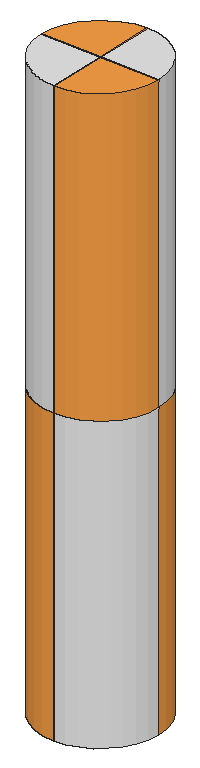
Revit family "DBU_GM_UN_Opening-SymbolicCircular-MEPcontent_gen_BERSnl", category Generic Models, Revit 2022
Family settings
  Can host rebar = No
  Round Connector Dimension = Use Diameter
  Part Type = Normal
  Work Plane-Based = No
  Always vertical = No
  Cut with Voids When Loaded = No
  Maintain Annotation Orientation = No
  Shared = No
  Room Calculation Point = No
Parameters (values of type "Floor")
  Wall = no
  Response [instance] = if(DBU_OpeningStatus = 0, "Request", if(DBU_OpeningStatus = 1, "Declined", if(DBU_OpeningStatus = 2, "Approved", if(DBU_OpeningStatus = 3, "Approved Drilling", if(DBU_OpeningStatus = 4, "On Hold", if(DBU_OpeningStatus = 5, "Executed", "Invalid"))))))  # "Request"
  Request [instance] = DBU_OpeningStatus = 0  # yes
  ParameterLock [instance] = 0 mm  # constant formula
  On Hold [instance] = DBU_OpeningStatus = 3  # no
  Not Drilling [instance] = yes
  Floor = not(Wall)  # yes
  Execution Type [instance] = if(Not Drilling, "Not Drilling", "Drilling")  # "Not Drilling"
  Executed [instance] = DBU_OpeningStatus = 4  # no
  Drilling [instance] = not(Not Drilling)  # no
  Default Elevation = 0 mm
  Declined [instance] = DBU_OpeningStatus = 1  # no
  DBU_OpeningStatus [instance] = 0
  DBU_CTE_Zone [instance] = ""
  DBU_CTE_Z Value - Top [instance] = ""
  DBU_CTE_Z Value - Center [instance] = ""
  DBU_CTE_Z Coordinate Value [instance] = ""
  DBU_CTE_Opening Host Link [instance] = ""
  DBU_CTE_Opening Host Element [instance] = ""
  DBU_CTE_Opening Host Category [instance] = ""
  DBU_CTE_Level [instance] = ""
  DBU_CTE_ID [instance] = ""
  DBU_CTE_Host ID [instance] = ""
  DBU_CTE_Discipline = ""
  DBU_CTE_Classificatie [instance] = ""
  DBU_CTE_BuildingPart [instance] = ""
  DBU_CLE_Radius [instance] = (DBU_CLE_Diameter / 2) + ParameterLock  # 100 mm
  DBU_CLE_Diameter [instance] = 200 mm
  DBU_CLE_Depth [instance] = 1000 mm
  Approved [instance] = DBU_OpeningStatus = 2  # no
Types (2, lengths in mm): name | Wall | Floor
  Floor | no | yes
  Wall | yes | no
Reference planes
  plane 1 "Center (Front/Back)": y = 0
  plane 2: z = 0
  plane 3 "Center (Left/Right)": x = 0
  plane 4: z = -100
  plane 5: z = -1000
  plane 6: z = -500
Lines and regions (mm)
  model lines, style "InvisibleLines"
    curve 1: line (0, 0, -2506.831) -> (0, 0, 2500)
Dimensions and locks
  "DBU_CLE_Radius": level to plane 4
  "DBU_CLE_Depth": level to plane 5
  equal spacing: level, plane 6, plane 5
  aligned and locked: level to plane 2
  aligned and locked: plane 3 "Center (Left/Right)" to nested 1
  aligned and locked: plane 1 "Center (Front/Back)" to nested 1
  aligned and locked: level to nested 1
  aligned and locked: curve 1 to plane 3 "Center (Left/Right)"
  aligned and locked: curve 1 to plane 1 "Center (Front/Back)"
  aligned and locked: plane 3 "Center (Left/Right)" to nested 3
  aligned and locked: nested 2 to plane 1 "Center (Front/Back)"
  aligned and locked: level to nested 2
  aligned and locked: nested 5 to plane 1 "Center (Front/Back)"
  aligned and locked: nested 5 to plane 6
  aligned and locked: plane 6 to nested 6
  aligned and locked: nested 6 to plane 3 "Center (Left/Right)"
  aligned and locked: plane 3 "Center (Left/Right)" to nested 7
  aligned and locked: plane 1 "Center (Front/Back)" to nested 7
  aligned and locked: plane 3 "Center (Left/Right)" to nested 8
  aligned and locked: nested 8 to plane 4
Automatic sketch dimensions
  curve 1 to plane 4 = 2406.831 mm
  level to curve 1 = 2500 mm
Nested families
  nested 1: "DBU_OpeningCircular" at (0, 0, 0), Depth <- "DBU_CLE_Depth", Diameter <- "DBU_CLE_Diameter", ConstructorStatus <- "DBU_OpeningStatus", visible <- "Wall", type "Wall"
    with Request yes, RecessNeutral Color RGB 230-230-230, Radius 100 mm, OnHold no, Executed no, Diameter 200 mm, Depth 1000 mm, Declined no, ConstructorStatus 0, Approved no
  nested 2: "DBU_OpeningCircular" at (0, -100, -500) x (1, 0, 0) z (0, -1, 0), Depth <- "DBU_CLE_Depth", Diameter <- "DBU_CLE_Diameter", visible <- "Floor", type "Floor"
    with Request yes, RecessNeutral Color RGB 230-230-230, Radius 100 mm, OnHold no, Executed no, Diameter 200 mm, Depth 1000 mm, Declined no, ConstructorStatus 0, Approved no
  nested 3: "DBU_00_DI_WB_Opening Detail_gen_BERSnl" at (0, 0, 0) x (0, 1, 0) z (0, 0, 1), visible <- "Wall", Length <- "DBU_CLE_Depth", Width <- "DBU_CLE_Diameter", type "DBU_00_DI_WB_Opening Detail_gen_BERSnl"
    with Width 200 mm, Length 1000 mm
  nested 4: "DBU_00_DI_WB_Opening Detail_gen_BERSnl" at (0, 0, -100) x (0, 1, 0) z (1, 0, 0), visible <- "Wall", Length <- "DBU_CLE_Depth", Width <- "DBU_CLE_Diameter", type "DBU_00_DI_WB_Opening Detail_gen_BERSnl"
    with Width 200 mm, Length 1000 mm
  nested 5: "DBU_00_DI_WB_Opening Detail_gen_BERSnl" at (0, 0, -500) x (0, 0, -1) z (1, 0, 0), Length <- "DBU_CLE_Depth", Width <- "DBU_CLE_Diameter", visible <- "Floor", type "DBU_00_DI_WB_Opening Detail_gen_BERSnl"
    with Width 200 mm, Length 1000 mm
  nested 6: "DBU_00_DI_WB_Opening Detail_gen_BERSnl" at (0, 0, -500) x (0, 0, 1) z (0, -1, 0), Length <- "DBU_CLE_Depth", Width <- "DBU_CLE_Diameter", visible <- "Floor", type "DBU_00_DI_WB_Opening Detail_gen_BERSnl"
    with Width 200 mm, Length 1000 mm
  nested 7: "DBU_00_DI_UN_Opening Aanzicht - Rond_gen_BERSnl" at (0, 0, 0), visible <- "Floor", DiameterOpening <- "DBU_CLE_Diameter", type "DBU_00_DI_UN_Opening Aanzicht - Rond_gen_BERSnl"
    with DiameterOpening 200 mm, DiameterOffset 100 mm, DiameterBinnen 100 mm
  nested 8: "DBU_00_DI_UN_Opening Aanzicht - Rond_gen_BERSnl" at (0, 0, -100) x (1, 0, 0) z (0, -1, 0), visible <- "Wall", DiameterOpening <- "DBU_CLE_Diameter", type "DBU_00_DI_UN_Opening Aanzicht - Rond_gen_BERSnl"
    with DiameterOpening 200 mm, DiameterOffset 100 mm, DiameterBinnen 100 mm
Definition of nested family "DBU_OpeningCircular"
  Parameters (values of type "DBU_OpeningCircular")
    Request [instance] = not(or(Declined, Approved, OnHold, Executed))  # yes
    RecessNeutral [instance] = none
    Radius [instance] = Diameter / 2  # 75 mm
    OnHold [instance] = ConstructorStatus = 3  # no
    Executed [instance] = ConstructorStatus = 4  # no
    Diameter [instance] = 150 mm
    Depth [instance] = 1000 mm
    Default Elevation = 1219.2 mm
    Declined [instance] = ConstructorStatus = 1  # no
    ConstructorStatus [instance] = 0
    Approved [instance] = ConstructorStatus = 2  # no
  Reference planes
    plane 1 "Center (Front/Back)": y = 0
    plane 2: z = 0
    plane 3 "Center (Left/Right)": x = 0
    plane 4: y = 500
    plane 5: y = -500
    plane 6: z = -75
    plane 7: z = -150
  Forms (mm)
    Extrusion 1, solid, visible <- "Request"
      sketch origin (0, 0, 0) x (1, 0, 0) y (0, 0, 1)
        loop
          line (0, -75) -> (0, 0)
          arc (0, 0) -> (-53.033, -21.967) -> (-75, -75) r 75
          line (-75, -75) -> (0, -75)
      from 0 to 500
    Extrusion 2, solid, material <- "RecessNeutral"
      sketch origin (0, 0, 0) x (1, 0, 0) y (0, 0, 1)
        loop
          line (0, -75) -> (75, -75)
          arc (75, -75) -> (53.033, -21.967) -> (0, 0) r 75
          line (0, 0) -> (0, -75)
      from 0 to 500
    Extrusion 3, solid, material <- "RecessNeutral"
      sketch origin (0, 0, 0) x (1, 0, 0) y (0, 0, 1)
        loop
          arc (-75, -75) -> (-53.033, -128.033) -> (0, -150) r 75
          line (0, -150) -> (0, -75) -> (-75, -75)
      from 0 to 500
    Extrusion 4, solid, visible <- "Request"
      sketch origin (0, 0, 0) x (1, 0, 0) y (0, 0, 1)
        loop
          line (75, -75) -> (0, -75) -> (0, -150)
          arc (0, -150) -> (53.033, -128.033) -> (75, -75) r 75
      from 0 to 500
    Extrusion 5, solid, visible <- "Request"
      sketch origin (0, 0, 0) x (1, 0, 0) y (0, 0, 1)
        loop
          arc (75, -75) -> (53.033, -21.967) -> (0, 0) r 75
          line (0, 0) -> (0, -75) -> (75, -75)
      from -500 to 0
    Extrusion 6, solid, material <- "RecessNeutral"
      sketch origin (0, 0, 0) x (1, 0, 0) y (0, 0, 1)
        loop
          line (75, -75) -> (0, -75) -> (0, -150)
          arc (0, -150) -> (53.033, -128.033) -> (75, -75) r 75
      from -500 to 0
    Extrusion 7, solid, material <- "RecessNeutral"
      sketch origin (0, 0, 0) x (1, 0, 0) y (0, 0, 1)
        loop
          arc (0, 0) -> (-53.033, -21.967) -> (-75, -75) r 75
          line (-75, -75) -> (0, -75) -> (0, 0)
      from -500 to 0
    Extrusion 8, solid, visible <- "Request"
      sketch origin (0, 0, 0) x (1, 0, 0) y (0, 0, 1)
        loop
          line (0, -150) -> (0, -75) -> (-75, -75)
          arc (-75, -75) -> (-53.033, -128.033) -> (0, -150) r 75
      from -500 to 0
    Extrusion 9, solid, visible <- "Declined"
      sketch origin (0, 0, 0) x (1, 0, 0) y (0, 0, 1)
        loop
          line (0, -75) -> (0, 0)
          arc (0, 0) -> (-53.033, -21.967) -> (-75, -75) r 75
          line (-75, -75) -> (0, -75)
      from 0 to 500
    Extrusion 10, solid, visible <- "Declined"
      sketch origin (0, 0, 0) x (1, 0, 0) y (0, 0, 1)
        loop
          line (75, -75) -> (0, -75) -> (0, -150)
          arc (0, -150) -> (53.033, -128.033) -> (75, -75) r 75
      from 0 to 500
    Extrusion 11, solid, visible <- "Declined"
      sketch origin (0, 0, 0) x (1, 0, 0) y (0, 0, 1)
        loop
          arc (75, -75) -> (53.033, -21.967) -> (0, 0) r 75
          line (0, 0) -> (0, -75) -> (75, -75)
      from -500 to 0
    Extrusion 12, solid, visible <- "Declined"
      sketch origin (0, 0, 0) x (1, 0, 0) y (0, 0, 1)
        loop
          line (0, -150) -> (0, -75) -> (-75, -75)
          arc (-75, -75) -> (-53.033, -128.033) -> (0, -150) r 75
      from -500 to 0
    Extrusion 13, solid, visible <- "Approved"
      sketch origin (0, 0, 0) x (1, 0, 0) y (0, 0, 1)
        loop
          line (0, -75) -> (0, 0)
          arc (0, 0) -> (-53.033, -21.967) -> (-75, -75) r 75
          line (-75, -75) -> (0, -75)
      from 0 to 500
    Extrusion 14, solid, visible <- "Approved"
      sketch origin (0, 0, 0) x (1, 0, 0) y (0, 0, 1)
        loop
          line (75, -75) -> (0, -75) -> (0, -150)
          arc (0, -150) -> (53.033, -128.033) -> (75, -75) r 75
      from 0 to 500
    Extrusion 15, solid, visible <- "Approved"
      sketch origin (0, 0, 0) x (1, 0, 0) y (0, 0, 1)
        loop
          arc (75, -75) -> (53.033, -21.967) -> (0, 0) r 75
          line (0, 0) -> (0, -75) -> (75, -75)
      from -500 to 0
    Extrusion 16, solid, visible <- "Approved"
      sketch origin (0, 0, 0) x (1, 0, 0) y (0, 0, 1)
        loop
          line (0, -150) -> (0, -75) -> (-75, -75)
          arc (-75, -75) -> (-53.033, -128.033) -> (0, -150) r 75
      from -500 to 0
    Extrusion 17, solid, visible <- "OnHold"
      sketch origin (0, 0, 0) x (1, 0, 0) y (0, 0, 1)
        loop
          line (0, -75) -> (0, 0)
          arc (0, 0) -> (-53.033, -21.967) -> (-75, -75) r 75
          line (-75, -75) -> (0, -75)
      from 0 to 500
    Extrusion 18, solid, visible <- "OnHold"
      sketch origin (0, 0, 0) x (1, 0, 0) y (0, 0, 1)
        loop
          line (75, -75) -> (0, -75) -> (0, -150)
          arc (0, -150) -> (53.033, -128.033) -> (75, -75) r 75
      from 0 to 500
    Extrusion 19, solid, visible <- "OnHold"
      sketch origin (0, 0, 0) x (1, 0, 0) y (0, 0, 1)
        loop
          arc (75, -75) -> (53.033, -21.967) -> (0, 0) r 75
          line (0, 0) -> (0, -75) -> (75, -75)
      from -500 to 0
    Extrusion 20, solid, visible <- "OnHold"
      sketch origin (0, 0, 0) x (1, 0, 0) y (0, 0, 1)
        loop
          line (0, -150) -> (0, -75) -> (-75, -75)
          arc (-75, -75) -> (-53.033, -128.033) -> (0, -150) r 75
      from -500 to 0
    Extrusion 21, solid, visible <- "Executed"
      sketch origin (0, 0, 0) x (1, 0, 0) y (0, 0, 1)
        loop
          line (0, -75) -> (0, 0)
          arc (0, 0) -> (-53.033, -21.967) -> (-75, -75) r 75
          line (-75, -75) -> (0, -75)
      from 0 to 500
    Extrusion 22, solid, visible <- "Executed"
      sketch origin (0, 0, 0) x (1, 0, 0) y (0, 0, 1)
        loop
          line (75, -75) -> (0, -75) -> (0, -150)
          arc (0, -150) -> (53.033, -128.033) -> (75, -75) r 75
      from 0 to 500
    Extrusion 23, solid, visible <- "Executed"
      sketch origin (0, 0, 0) x (1, 0, 0) y (0, 0, 1)
        loop
          arc (75, -75) -> (53.033, -21.967) -> (0, 0) r 75
          line (0, 0) -> (0, -75) -> (75, -75)
      from -500 to 0
    Extrusion 24, solid, visible <- "Executed"
      sketch origin (0, 0, 0) x (1, 0, 0) y (0, 0, 1)
        loop
          line (0, -150) -> (0, -75) -> (-75, -75)
          arc (-75, -75) -> (-53.033, -128.033) -> (0, -150) r 75
      from -500 to 0
  Dimensions and locks
    equal spacing: plane 4, plane 1 "Center (Front/Back)", plane 5
    "Depth": plane 4 to plane 5
    "Radius": level to plane 6
    "Radius": plane 6 to plane 7
    "Radius": radius of Extrusion 1 sketch curve
    "Radius": radius of Extrusion 2 sketch curve
    "Radius": radius of Extrusion 3 sketch curve
    "Radius": radius of Extrusion 4 sketch curve
    "Radius": radius of Extrusion 5 sketch curve
    "Radius": radius of Extrusion 6 sketch curve
    "Radius": radius of Extrusion 7 sketch curve
    "Radius": radius of Extrusion 8 sketch curve
    "Radius": radius of Extrusion 9 sketch curve
    "Radius": radius of Extrusion 10 sketch curve
    "Radius": radius of Extrusion 11 sketch curve
    "Radius": radius of Extrusion 12 sketch curve
    "Radius": radius of Extrusion 13 sketch curve
    "Radius": radius of Extrusion 14 sketch curve
    "Radius": radius of Extrusion 15 sketch curve
    "Radius": radius of Extrusion 16 sketch curve
    "Radius": radius of Extrusion 17 sketch curve
    "Radius": radius of Extrusion 18 sketch curve
    "Radius": radius of Extrusion 19 sketch curve
    "Radius": radius of Extrusion 20 sketch curve
    "Radius": radius of Extrusion 21 sketch curve
    "Radius": radius of Extrusion 22 sketch curve
    "Radius": radius of Extrusion 23 sketch curve
    "Radius": radius of Extrusion 24 sketch curve
    aligned and locked: level to plane 2
    aligned and locked: plane 3 "Center (Left/Right)" to Extrusion 1 sketch curve
    aligned and locked: plane 6 to Extrusion 1 sketch curve
    aligned and locked: Extrusion 1 to plane 5
    aligned and locked: plane 3 "Center (Left/Right)" to Extrusion 2 sketch curve  (x2)
    aligned and locked: Extrusion 2 sketch curve to plane 6
    aligned and locked: plane 6 to Extrusion 2 sketch curve
    aligned and locked: Extrusion 2 to plane 5
    aligned and locked: Extrusion 3 sketch curve to plane 6
    aligned and locked: Extrusion 3 sketch curve to plane 3 "Center (Left/Right)"
    aligned and locked: plane 3 "Center (Left/Right)" to Extrusion 3 sketch curve
    aligned and locked: plane 6 to Extrusion 3 sketch curve
    aligned and locked: Extrusion 3 to plane 5
    aligned and locked: plane 3 "Center (Left/Right)" to Extrusion 4 sketch curve
    aligned and locked: plane 6 to Extrusion 4 sketch curve  (x2)
    aligned and locked: Extrusion 4 sketch curve to plane 3 "Center (Left/Right)"
    aligned and locked: Extrusion 4 to plane 5
    aligned and locked: Extrusion 1 to plane 1 "Center (Front/Back)"
    aligned and locked: Extrusion 2 to plane 1 "Center (Front/Back)"
    aligned and locked: Extrusion 4 to plane 1 "Center (Front/Back)"
    aligned and locked: Extrusion 3 to plane 1 "Center (Front/Back)"
    aligned and locked: Extrusion 5 sketch curve to plane 3 "Center (Left/Right)"
    aligned and locked: Extrusion 5 sketch curve to plane 6
    aligned and locked: plane 3 "Center (Left/Right)" to Extrusion 5 sketch curve
    aligned and locked: plane 6 to Extrusion 5 sketch curve
    aligned and locked: plane 4 to Extrusion 5
    aligned and locked: plane 1 "Center (Front/Back)" to Extrusion 5
    aligned and locked: Extrusion 6 sketch curve to plane 6
    aligned and locked: plane 3 "Center (Left/Right)" to Extrusion 6 sketch curve  (x2)
    aligned and locked: plane 6 to Extrusion 6 sketch curve
    aligned and locked: plane 4 to Extrusion 6
    aligned and locked: plane 1 "Center (Front/Back)" to Extrusion 6
    aligned and locked: plane 3 "Center (Left/Right)" to Extrusion 7 sketch curve  (x2)
    aligned and locked: Extrusion 7 sketch curve to plane 6
    aligned and locked: plane 6 to Extrusion 7 sketch curve
    aligned and locked: plane 4 to Extrusion 7
    aligned and locked: plane 1 "Center (Front/Back)" to Extrusion 7
    aligned and locked: Extrusion 8 sketch curve to plane 3 "Center (Left/Right)"
    aligned and locked: Extrusion 8 sketch curve to plane 6
    aligned and locked: plane 3 "Center (Left/Right)" to Extrusion 8 sketch curve
    aligned and locked: plane 6 to Extrusion 8 sketch curve
    aligned and locked: plane 4 to Extrusion 8
    aligned and locked: plane 1 "Center (Front/Back)" to Extrusion 8
    aligned and locked: plane 6 to Extrusion 9 sketch curve  (x2)
    aligned and locked: plane 3 "Center (Left/Right)" to Extrusion 9 sketch curve  (x2)
    aligned and locked: Extrusion 9 to plane 1 "Center (Front/Back)"
    aligned and locked: Extrusion 9 to plane 5
    aligned and locked: Extrusion 10 sketch curve to plane 3 "Center (Left/Right)"
    aligned and locked: plane 6 to Extrusion 10 sketch curve  (x2)
    aligned and locked: plane 3 "Center (Left/Right)" to Extrusion 10 sketch curve
    aligned and locked: Extrusion 10 to plane 1 "Center (Front/Back)"
    aligned and locked: Extrusion 10 to plane 5
    aligned and locked: Extrusion 11 sketch curve to plane 3 "Center (Left/Right)"
    aligned and locked: Extrusion 11 sketch curve to plane 6
    aligned and locked: plane 3 "Center (Left/Right)" to Extrusion 11 sketch curve
    aligned and locked: plane 6 to Extrusion 11 sketch curve
    aligned and locked: plane 1 "Center (Front/Back)" to Extrusion 11
    aligned and locked: plane 4 to Extrusion 11
    aligned and locked: Extrusion 12 sketch curve to plane 3 "Center (Left/Right)"
    aligned and locked: Extrusion 12 sketch curve to plane 6
    aligned and locked: plane 3 "Center (Left/Right)" to Extrusion 12 sketch curve
    aligned and locked: plane 6 to Extrusion 12 sketch curve
    aligned and locked: plane 1 "Center (Front/Back)" to Extrusion 12
    aligned and locked: plane 4 to Extrusion 12
    aligned and locked: plane 6 to Extrusion 13 sketch curve  (x2)
    aligned and locked: plane 3 "Center (Left/Right)" to Extrusion 13 sketch curve  (x2)
    aligned and locked: Extrusion 13 to plane 1 "Center (Front/Back)"
    aligned and locked: Extrusion 13 to plane 5
    aligned and locked: Extrusion 14 sketch curve to plane 3 "Center (Left/Right)"
    aligned and locked: plane 6 to Extrusion 14 sketch curve  (x2)
    aligned and locked: plane 3 "Center (Left/Right)" to Extrusion 14 sketch curve
    aligned and locked: Extrusion 14 to plane 1 "Center (Front/Back)"
    aligned and locked: Extrusion 14 to plane 5
    aligned and locked: Extrusion 15 sketch curve to plane 6
    aligned and locked: plane 6 to Extrusion 15 sketch curve
    aligned and locked: Extrusion 15 sketch curve to plane 3 "Center (Left/Right)"
    aligned and locked: plane 3 "Center (Left/Right)" to Extrusion 15 sketch curve
    aligned and locked: plane 1 "Center (Front/Back)" to Extrusion 15
    aligned and locked: plane 4 to Extrusion 15
    aligned and locked: Extrusion 16 sketch curve to plane 3 "Center (Left/Right)"
    aligned and locked: plane 3 "Center (Left/Right)" to Extrusion 16 sketch curve
    aligned and locked: plane 6 to Extrusion 16 sketch curve
    aligned and locked: Extrusion 16 sketch curve to plane 6
    aligned and locked: plane 1 "Center (Front/Back)" to Extrusion 16
    aligned and locked: plane 4 to Extrusion 16
    aligned and locked: plane 6 to Extrusion 17 sketch curve  (x2)
    aligned and locked: plane 3 "Center (Left/Right)" to Extrusion 17 sketch curve  (x2)
    aligned and locked: Extrusion 17 to plane 1 "Center (Front/Back)"
    aligned and locked: Extrusion 17 to plane 5
    aligned and locked: Extrusion 18 sketch curve to plane 3 "Center (Left/Right)"
    aligned and locked: plane 3 "Center (Left/Right)" to Extrusion 18 sketch curve
    aligned and locked: plane 6 to Extrusion 18 sketch curve  (x2)
    aligned and locked: Extrusion 18 to plane 1 "Center (Front/Back)"
    aligned and locked: Extrusion 18 to plane 5
    aligned and locked: plane 3 "Center (Left/Right)" to Extrusion 19 sketch curve
    aligned and locked: Extrusion 19 sketch curve to plane 3 "Center (Left/Right)"
    aligned and locked: plane 6 to Extrusion 19 sketch curve
    aligned and locked: Extrusion 19 sketch curve to plane 6
    aligned and locked: plane 1 "Center (Front/Back)" to Extrusion 19
    aligned and locked: plane 4 to Extrusion 19
    aligned and locked: Extrusion 20 sketch curve to plane 3 "Center (Left/Right)"
    aligned and locked: plane 6 to Extrusion 20 sketch curve
    aligned and locked: Extrusion 20 sketch curve to plane 6
    aligned and locked: plane 3 "Center (Left/Right)" to Extrusion 20 sketch curve
    aligned and locked: plane 1 "Center (Front/Back)" to Extrusion 20
    aligned and locked: plane 4 to Extrusion 20
    aligned and locked: plane 6 to Extrusion 21 sketch curve  (x2)
    aligned and locked: plane 3 "Center (Left/Right)" to Extrusion 21 sketch curve  (x2)
    aligned and locked: Extrusion 21 to plane 1 "Center (Front/Back)"
    aligned and locked: Extrusion 21 to plane 5
    aligned and locked: Extrusion 22 sketch curve to plane 3 "Center (Left/Right)"
    aligned and locked: plane 3 "Center (Left/Right)" to Extrusion 22 sketch curve
    aligned and locked: plane 6 to Extrusion 22 sketch curve  (x2)
    aligned and locked: Extrusion 22 to plane 1 "Center (Front/Back)"
    aligned and locked: Extrusion 22 to plane 5
    aligned and locked: Extrusion 23 sketch curve to plane 6
    aligned and locked: plane 6 to Extrusion 23 sketch curve
    aligned and locked: Extrusion 23 sketch curve to plane 3 "Center (Left/Right)"
    aligned and locked: plane 3 "Center (Left/Right)" to Extrusion 23 sketch curve
    aligned and locked: plane 1 "Center (Front/Back)" to Extrusion 23
    aligned and locked: plane 4 to Extrusion 23
    aligned and locked: Extrusion 24 sketch curve to plane 3 "Center (Left/Right)"
    aligned and locked: plane 3 "Center (Left/Right)" to Extrusion 24 sketch curve
    aligned and locked: Extrusion 24 sketch curve to plane 6
    aligned and locked: plane 6 to Extrusion 24 sketch curve
    aligned and locked: plane 4 to Extrusion 24
    aligned and locked: plane 1 "Center (Front/Back)" to Extrusion 24
Definition of nested family "DBU_00_DI_WB_Opening Detail_gen_BERSnl"
  Parameters (values of type "DBU_00_DI_WB_Opening Detail_gen_BERSnl")
    Width [instance] = 500 mm
    Length [instance] = 1200 mm
  Reference planes
    plane 1 "Center (Front/Back)": y = 0
    plane 2: z = 0
    plane 3 "Center (Left/Right)": x = 0
    plane 4: x = -600
    plane 5: y = 250
    plane 6: x = 600
    plane 7: y = -250
  Lines and regions (mm)
    detail lines, in view "Ref. Level"
      curve 1: line (-600, -250, 0) -> (-600, 250, 0)
      curve 2: line (-600, 250, 0) -> (600, 250, 0)
      curve 3: line (600, 250, 0) -> (600, -250, 0)
      curve 4: line (600, -250, 0) -> (-600, -250, 0)
      curve 5: line (-600, -250, 0) -> (600, 250, 0)
      curve 6: line (-600, 250, 0) -> (600, -250, 0)
  Dimensions and locks
    equal spacing: plane 5, plane 1 "Center (Front/Back)", plane 7
    "Width": plane 5 to plane 7
    equal spacing: plane 4, plane 3 "Center (Left/Right)", plane 6
    "Length": plane 4 to plane 6
    aligned and locked: curve 1 to plane 4
    aligned and locked: curve 2 to plane 5
    aligned and locked: curve 3 to plane 6
    aligned and locked: plane 7 to curve 4
Definition of nested family "DBU_00_DI_UN_Opening Aanzicht - Rond_gen_BERSnl"
  Parameters (values of type "DBU_00_DI_UN_Opening Aanzicht - Rond_gen_BERSnl")
    DiameterOpening [instance] = 800 mm
    DiameterOffset [instance] = 100 mm
    DiameterBinnen [instance] = DiameterOpening - DiameterOffset  # 700 mm
  Reference planes
    plane 1 "Center (Front/Back)": y = 0
    plane 2: z = 0
    plane 3 "Center (Left/Right)": x = 0
  Lines and regions (mm)
    Filled region 1, type "DBU_Solid_RGB_192-192-192", in view "Ref. Level"
      outline origin (0, 0, 0) x (1, 0, 0) y (0, 1, 0)
        loop
          line (-247.487, -247.487) -> (247.487, 247.487)
          arc (247.487, 247.487) -> (-247.487, 247.487) -> (-247.487, -247.487) r 350
    reference lines, in view "Ref. Level"
      curve 1: circle (0, 0, 0) r 400 normal (0, 0, 1)
      curve 2: circle (0, 0, 0) r 350 normal (0, 0, 1)
      curve 3: line (0, 0, 0) -> (876.812, 876.812, 0)
  Dimensions and locks
    "DiameterOpening": diameter of curve 1
    "DiameterBinnen": diameter of curve 2
    locked: plane 1 "Center (Front/Back)" to curve 3 (angle 45.00°)
    aligned and locked: plane 3 "Center (Left/Right)" to curve 1
    aligned and locked: plane 1 "Center (Front/Back)" to curve 1
    aligned and locked: plane 3 "Center (Left/Right)" to curve 2
    aligned and locked: plane 1 "Center (Front/Back)" to curve 2
    aligned and locked: plane 3 "Center (Left/Right)" to curve 3
    aligned and locked: plane 1 "Center (Front/Back)" to curve 3
    aligned and locked: Filled region 1 sketch curve to curve 3
    aligned and locked: Filled region 1 sketch curve to curve 2
